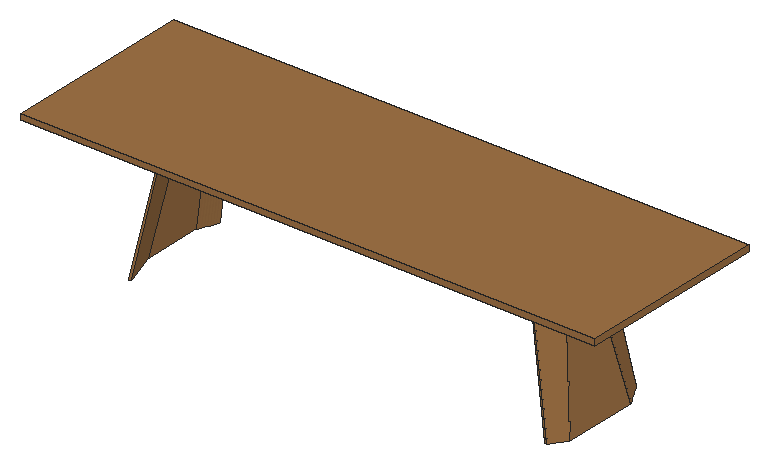
Revit family "Wedge-LivingDivani", category Furniture, Revit 2013
Parameters (values of type "100 x 300 cm")
  URL = "http://www.livingdivani.it"
  Model = "Wedge"
  Mat. Struttura = Wood Shake
  Manufacturer = "Living Divani"
  Lunghezza = 300 cm
  Larghezza = 100 cm
  Description = ""
  Codice prodotto = "WEDV300"
Types (3, lengths in cm): name | Mat. Struttura | Lunghezza | Codice prodotto
  100x220 cm | Plastic, Opaque Black | 220 | "WEDV220"
  100x240 cm | Plastic, Opaque Black | 240 | "WEDV240"
  100 x 300 cm | Wood Shake | 300 | "WEDV300"
Reference planes (cm)
  plane 1 "Centro (Fronte/Retro)": y = 0
  plane 2: z = 0
  plane 3 "Centro (Sinistra/Destra)": x = 0
  plane 4: x = 150
  plane 5: x = -150
  plane 6 "base": z = 71
  plane 7: y = 50
  plane 8: y = -50
  plane 9: z = 68
Forms (cm)
  Extrusion 1, solid, material "Linen, White", not visible
    sketch origin (0, 0, 0) x (1, 0, 0) y (0, 0, 1)
      loop
        line (-85, 18) -> (-85, 29.1823)
        arc (-85, 29.1823) -> (-80.169, 48.2596) -> (-84.4597, 67.4656) r 42.4528
        arc (-84.4597, 67.4656) -> (-85.5057, 68.8949) -> (-86.9843, 69.8699) r 5
        arc (-86.9843, 69.8699) -> (-93.3299, 70.9774) -> (-99.4999, 69.1268) r 14.0026
        arc (-99.4999, 69.1268) -> (-99.866, 68.7608) -> (-100, 68.2607) r 1
        line (-100, 68.2607) -> (-100, 18) -> (-85, 18)
    from -55 to 28.969
  Extrusion 2, void, not visible
    sketch origin (0, 0, 0) x (1, 0, 0) y (0, 1, 0)
      loop
        line (-78.5519, 33.5519) -> (-78.5519, 56.4969) -> (-100, 56.4969) -> (-100, 55) -> (-78.5519, 33.5519)
    from 0 to 88.2421
  Extrusion 3, solid, material "Linen, White", not visible
    sketch origin (0, 0, 0) x (-1, 0, 0) y (0, 0, -1)
      loop
        line (-85, -18) -> (-100, -18) -> (-100, -68.2607)
        arc (-100, -68.2607) -> (-99.866, -68.7608) -> (-99.4999, -69.1268) r 1
        arc (-99.4999, -69.1268) -> (-93.3299, -70.9774) -> (-86.9843, -69.8699) r 14.0026
        arc (-86.9843, -69.8699) -> (-85.5057, -68.8949) -> (-84.4597, -67.4656) r 5
        arc (-84.4597, -67.4656) -> (-80.169, -48.2596) -> (-85, -29.1823) r 42.4528
        line (-85, -29.1823) -> (-85, -18)
    from -55 to 28.969
  Extrusion 4, void, not visible
    sketch origin (0, 0, 0) x (-1, 0, 0) y (0, -1, 0)
      loop
        line (-78.5519, -33.5519) -> (-100, -55) -> (-100, -56.4969) -> (-78.5519, -56.4969) -> (-78.5519, -33.5519)
    from 0 to 88.2421
  Extrusion 5, solid, material "Wood Shake" <- "Mat. Struttura"
    sketch origin (0, 0, 0) x (1, 0, 0) y (0, 1, 0)
      loop
        line (-150, 50) -> (-150, -50) -> (150, -50) -> (150, 50) -> (-150, 50)
    from 68 to 71
  Blend 6, solid, material "Wood Shake" <- "Mat. Struttura"
    base sketch origin (-131, 127.8144, 0) x (1, 0, 0) y (0, 1, 0)
      loop
        line (21.1128, -99.1988) -> (15.4648, -106.7619) -> (15.4648, -146.6819) -> (22.7188, -159.3574) -> (24.1315, -158.7461) -> (18.0168, -140.9877) -> (18.0168, -109.2791) -> (22.3537, -99.5383) -> (21.1128, -99.1988)
    top sketch origin (-131, 127.8144, 0) x (1, 0, 0) y (0, 1, 0)
      loop
        line (32.0768, -102.1988) -> (23.1643, -114.1334) -> (23.1643, -130.2734) -> (36.4164, -153.43) -> (37.145, -153.0996) -> (29.2163, -130.073) -> (29.2163, -112.933) -> (32.784, -102.5729) -> (32.0768, -102.1988)
    from 0 to 68
  Blend 7, solid, material "Wood Shake" <- "Mat. Struttura"
    base sketch origin (141.3188, -130.7418, 0) x (-1, 0, 0) y (0, -1, 0)
      loop
        line (31.1128, -99.1988) -> (25.4648, -106.7619) -> (25.4648, -146.6819) -> (32.7188, -159.3574) -> (34.1315, -158.7461) -> (28.0168, -140.9877) -> (28.0168, -109.2791) -> (32.3537, -99.5383) -> (31.1128, -99.1988)
    top sketch origin (141.3188, -130.7418, 0) x (-1, 0, 0) y (0, -1, 0)
      loop
        line (42.0768, -102.1988) -> (33.1643, -114.1334) -> (33.1643, -130.2734) -> (46.4164, -153.43) -> (47.145, -153.0996) -> (39.2163, -130.073) -> (39.2163, -112.933) -> (42.784, -102.5729) -> (42.0768, -102.1988)
    from 0 to 68
Lines and regions (cm)
  model lines, not visible
    curve 1: arc (142.5, 40, 40.4063) -> (142.5, -7.7258, 44.8408) -> (142.5, -55.6482, 43.9108) r 427.9768
    curve 2: arc (142.5, -55.6482, 43.9108) -> (142.5, -56.9941, 43.3917) -> (142.5, -57.8292, 42.2153) r 2.5
    curve 3: arc (142.5, -57.8292, 42.2153) -> (142.5, -58.6593, 36.9132) -> (142.5, -57.6808, 31.6365) r 15.9229
    curve 4: arc (142.5, -57.6808, 31.6365) -> (142.5, -56.765, 30.4495) -> (142.5, -55.3347, 30) r 2.5
    curve 5: line (350.8333, 40.8327, 61.8833) -> (350.8333, 44.8452, 76.858)
    curve 6: arc (350.8333, 19.2897, 45.6161) -> (350.8333, 23.0144, 61.3242) -> (350.8333, 28.8022, 76.3947) r 120.6881
    curve 7: line (350.8333, 42.4245, 80.0128) -> (350.8333, 34.5369, 80.0128)
    curve 8: arc (350.8333, 42.4245, 80.0128) -> (350.8333, 44.4127, 79.0323) -> (350.8333, 44.8452, 76.858) r 2.5061
    curve 9: arc (350.8333, 34.5369, 80.0128) -> (350.8333, 31.1465, 79.0327) -> (350.8333, 28.8022, 76.3947) r 6.3538
    curve 10: arc (350.8333, 21.3758, 42.8725) -> (350.8333, 19.7398, 43.7934) -> (350.8333, 19.2897, 45.6161) r 2.3659
    curve 11: arc (457.5, -41.1808, 29.528) -> (457.5, -40.2346, 28.4157) -> (457.5, -38.8347, 28) r 2.5652
    curve 12: arc (457.5, -41.3292, 42.2606) -> (457.5, -42.5488, 35.8792) -> (457.5, -41.1808, 29.528) r 16.3119
    curve 13: arc (457.5, -39.1482, 43.8503) -> (457.5, -40.4656, 43.3667) -> (457.5, -41.3292, 42.2606) r 2.5564
    curve 14: arc (457.5, 34.91, 41.2077) -> (457.5, -2.0467, 44.5571) -> (457.5, -39.1482, 43.8503) r 339.2674
    curve 15: arc (643.4167, 44.0083, 75.2794) -> (643.4167, 37.8383, 77.13) -> (643.4167, 31.4927, 76.0225) r 14.0026
    curve 16: arc (643.4167, 31.4927, 76.0225) -> (643.4167, 30.0141, 75.0475) -> (643.4167, 28.9681, 73.6182) r 5
    curve 17: arc (643.4167, 44.5084, 74.4133) -> (643.4167, 44.3744, 74.9134) -> (643.4167, 44.0083, 75.2794) r 1
    curve 18: line (643.4167, 44.5084, 24.1526) -> (643.4167, 44.5084, 74.4133)
    curve 19: arc (15, 39.4597, 67.4656) -> (15, 35.169, 48.2596) -> (15, 40, 29.1823) r 42.4528
    curve 20: arc (15, 41.9843, 69.8699) -> (15, 40.5057, 68.8949) -> (15, 39.4597, 67.4656) r 5
    curve 21: line (15, 55, 18) -> (15, 55, 68.2607)
    curve 22: arc (15, 55, 68.2607) -> (15, 54.866, 68.7608) -> (15, 54.4999, 69.1268) r 1
    curve 23: arc (15, 54.4999, 69.1268) -> (15, 48.3299, 70.9774) -> (15, 41.9843, 69.8699) r 14.0026
    curve 24: arc (0, -28.969, 37.1636) -> (0, -30.2309, 36.4485) -> (0, -30.8835, 35.1531) r 2.5
    curve 25: arc (0, 39.8911, 33.442) -> (0, 5.6044, 37.9554) -> (0, -28.969, 37.1636) r 225.0994
    curve 26: arc (0, -30.8835, 35.1531) -> (0, -31.5326, 27.5955) -> (0, -30.8835, 20.0379) r 44.3218
    curve 27: arc (0, -30.8835, 35.1531) -> (0, -31.5326, 27.5955) -> (0, -30.8835, 20.0379) r 44.3218
    curve 28: arc (91.6667, 39.8911, 38.442) -> (91.6667, 5.6044, 42.9554) -> (91.6667, -28.969, 42.1636) r 225.0994
    curve 29: arc (91.6667, -28.969, 42.1636) -> (91.6667, -30.2309, 41.4485) -> (91.6667, -30.8835, 40.1531) r 2.5
    curve 30: arc (91.6667, -30.8835, 40.1531) -> (91.6667, -31.5326, 32.5955) -> (91.6667, -30.8835, 25.0379) r 44.3218
    curve 31: arc (91.6667, -30.8835, 25.0379) -> (91.6667, -30.0394, 23.5895) -> (91.6667, -28.4701, 23) r 2.5
    curve 32: arc (643.4167, 29.3984, 39.5948) -> (643.4167, 25.1951, 57.0411) -> (643.4167, 29.3984, 74.4873) r 38.3075
    curve 33: arc (0, 54.4376, 69.1638) -> (0, 48.2677, 71.0144) -> (0, 41.9221, 69.9069) r 14.0026
    curve 34: arc (0, 41.9221, 69.9069) -> (0, 40.4434, 68.9319) -> (0, 39.3974, 67.5026) r 5
    curve 35: arc (0, 54.9377, 68.2977) -> (0, 54.8037, 68.7978) -> (0, 54.4376, 69.1638) r 1
    curve 36: line (0, 54.9377, 18.037) -> (0, 54.9377, 68.2977)
    curve 37: arc (0, 39.89, 33.4422) -> (0, 35.6867, 50.8419) -> (0, 39.8477, 68.2517) r 38.3075
Dimensions and locks (cm)
  equal spacing: plane 8, plane 1 "Centro (Fronte/Retro)", plane 7
  equal spacing: plane 5, plane 3 "Centro (Sinistra/Destra)", plane 4
  "Lunghezza": plane 5 to plane 4
  "Larghezza": plane 8 to plane 7
  locked: plane 5 to Blend 6 at 41.3537
  locked: Blend 7 to plane 4 at 41.4
  aligned and locked: level to plane 2
  aligned and locked: Extrusion 5 sketch curve to plane 7
  aligned and locked: Extrusion 5 sketch curve to plane 5
  aligned and locked: Extrusion 5 sketch curve to plane 8
  aligned and locked: Extrusion 5 sketch curve to plane 4
  aligned and locked: plane 6 "base" to Extrusion 5
  aligned and locked: Extrusion 5 to plane 9
Automatic sketch dimensions
  Blend 6 sketch curve to plane 5 = 34.4648 cm
  Blend 6 sketch curve to plane 8 = 18.457 cm
  plane 1 "Centro (Fronte/Retro)" to Blend 6 sketch curve = 13.1734 cm
  Blend 6 sketch curve to Blend 6 sketch curve = 2.552 cm
  Blend 6 sketch curve to Blend 6 sketch curve = 5.6479 cm
  Blend 6 sketch curve to Blend 6 sketch curve = 1.2409 cm
  Blend 6 sketch curve to Blend 6 sketch curve = 7.254 cm
  Blend 6 sketch curve to plane 8 = 19.0683 cm
  Blend 6 sketch curve to Blend 6 sketch curve = 1.4127 cm
  Blend 6 sketch curve to Blend 6 sketch curve = 5.6941 cm
  Blend 6 sketch curve to plane 1 "Centro (Fronte/Retro)" = 18.5353 cm
  Blend 6 sketch curve to Blend 6 sketch curve = 2.5173 cm
  Blend 6 sketch curve to Blend 6 sketch curve = 7.2235 cm
  Blend 6 sketch curve to Blend 6 sketch curve = 0.3395 cm
  Blend 6 sketch curve to plane 1 "Centro (Fronte/Retro)" = 13.681 cm
  Blend 6 sketch curve to plane 5 = 42.1643 cm
  Blend 6 sketch curve to plane 8 = 24.3844 cm
  plane 1 "Centro (Fronte/Retro)" to Blend 6 sketch curve = 2.2586 cm
  Blend 6 sketch curve to Blend 6 sketch curve = 6.052 cm
  plane 7 to Blend 6 sketch curve = 24.3844 cm
  Blend 6 sketch curve to Blend 6 sketch curve = 2.8605 cm
  plane 7 to Blend 6 sketch curve = 24.7585 cm
  Blend 6 sketch curve to Blend 6 sketch curve = 0.7072 cm
  Blend 6 sketch curve to Blend 6 sketch curve = 7.2001 cm
  Blend 6 sketch curve to plane 8 = 24.7148 cm
  Blend 6 sketch curve to Blend 6 sketch curve = 0.7286 cm
  plane 1 "Centro (Fronte/Retro)" to Blend 6 sketch curve = 2.459 cm
  Blend 6 sketch curve to Blend 6 sketch curve = 1.2004 cm
  Blend 7 sketch curve to plane 4 = 34.146 cm
  plane 7 to Blend 7 sketch curve = 21.3844 cm
  Blend 7 sketch curve to plane 1 "Centro (Fronte/Retro)" = 10.246 cm
  Blend 7 sketch curve to Blend 7 sketch curve = 2.552 cm
  Blend 7 sketch curve to Blend 7 sketch curve = 5.6479 cm
  Blend 7 sketch curve to Blend 7 sketch curve = 1.2409 cm
  Blend 7 sketch curve to Blend 7 sketch curve = 7.254 cm
  Blend 7 sketch curve to Blend 7 sketch curve = 1.4127 cm
  Blend 7 sketch curve to Blend 7 sketch curve = 0.6113 cm
  Blend 7 sketch curve to Blend 7 sketch curve = 5.6941 cm
  plane 1 "Centro (Fronte/Retro)" to Blend 7 sketch curve = 21.4627 cm
  Blend 7 sketch curve to Blend 7 sketch curve = 2.5173 cm
  Blend 7 sketch curve to Blend 7 sketch curve = 7.2235 cm
  Blend 7 sketch curve to Blend 7 sketch curve = 0.3395 cm
  Blend 7 sketch curve to plane 4 = 41.8454 cm
  Blend 7 sketch curve to plane 1 "Centro (Fronte/Retro)" = 22.6882 cm
  plane 1 "Centro (Fronte/Retro)" to Blend 7 sketch curve = 0.6688 cm
  Blend 7 sketch curve to Blend 7 sketch curve = 6.052 cm
  Blend 7 sketch curve to Blend 7 sketch curve = 2.8605 cm
  Blend 7 sketch curve to Blend 7 sketch curve = 0.7072 cm
  Blend 7 sketch curve to Blend 7 sketch curve = 7.2001 cm
  Blend 7 sketch curve to Blend 7 sketch curve = 0.7286 cm
  Blend 7 sketch curve to Blend 7 sketch curve = 0.3304 cm
  plane 1 "Centro (Fronte/Retro)" to Blend 7 sketch curve = 0.4684 cm
  Blend 7 sketch curve to Blend 7 sketch curve = 16.14 cm
  Blend 7 sketch curve to Blend 7 sketch curve = 1.2004 cm
  Blend 7 sketch curve to Blend 7 sketch curve = 10.3602 cm
  Blend 7 sketch curve to Blend 7 sketch curve = 0.3741 cm
